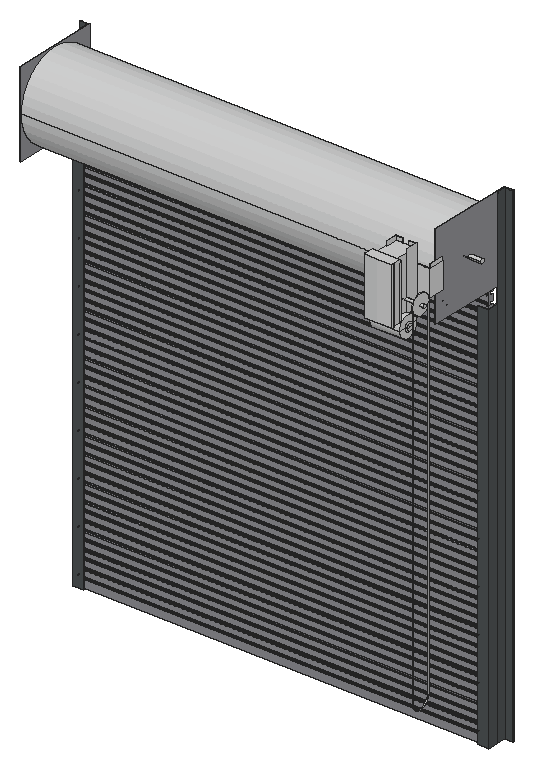
Revit family "Stormtite-AP-Rolling-Steel-Service-Doors_OHD_Model-627_compact", category Specialty Equipment, host Wall, Revit 2023
Family settings
  Host = Wall
  Round Connector Dimension = Use Diameter
  Part Type = Normal
  OmniClass Number = 23.30.10.21.34
  OmniClass Title = Industrial Doors
  Enable Cutting in Views = No
  Always vertical = Yes
  Cut with Voids When Loaded = Yes
  Maintain Annotation Orientation = No
  Shared = No
  Room Calculation Point = No
Parameters (values of type "115 volts, one phase, 60 Hz (110-120V range)")
  Width Count [instance] = if(or(Opening Width < 240", Opening Width = 240"), 20, if(or(Opening Width < 288", Opening Width = 288"), 24, 30))  # 20
  Warning Sign [instance] = if(Calculated Area > 683.00 SF, 1 = 1, 1 = 2)  # no
  Warning (Note) [instance] = if(Warning Sign, "The Door Area is out of the limit; please adjust accordingly. The maximum allowed area is 683 sq. ft.", if(Opening Height > 360", "Headroom Clearance Dimensions - out of the limits. Consult Factory", " "))  # " "
  Wall Thickness [instance] = 6"
  Voltage = 115 V
  Version = "1.00.01"  # constant formula
  True Opening Width [instance] = if(Between Jambs Mounting, Door Width True, Clear Width)  # 120"
  True Opening Height [instance] = if(Between Jambs Mounting, Clear Height + Headroom Height, Clear Height)  # 120"
  Slat Type [instance] = "FIT-265"  # constant formula
  Slat Option [instance] = 1  # constant formula
  Slat Length [instance] = Clear Width + G Value * 2 - 1" / 2 * 2  # 126"
  Slat Height [instance] = if(Slat < 2, 11 9/32", if(Slat = 2, 13 3/4", 13 19/128"))  # 13 19/128"
  Slat [instance] = 3  # constant formula
  Product Page URL = "https://www.overheaddoor.com/rolling-steel-service-doors-627"
  Power Factor = 1
  Powder Coat (Note) = "PowderGuard® Premium powder coat finish options are available in approximately 200 colors as well as custom matching to specification. PowderGuard® Textured finish, a thicker, more scratch resistant coat, is available in 11 colors providing enhanced scratch resistance as well as aiding in hiding the dirt and blemishes that often occur in commercial environments.​"  # constant formula
  Operator Visibility = yes
  Operation (Note) [instance] = "Door could operate by manual push, crank, electrical operator or chain hoist. Manual push up and crank could be used up to 80 sf, for larger door sizes you have to use Chain Hoist operator."  # constant formula
  Opening Width Real [instance] = if(Opening Width > Max Opening Width, Max Opening Width, if(Opening Width < Min Opening Width, Min Opening Width, Opening Width))  # 120"
  Opening Width [instance] = 120"
  Opening Height Real [instance] = if(Opening Height > Max Opening Height, Max Opening Height, if(Opening Height < Min Opening Height, Min Opening Height, Opening Height))  # 120"
  Opening Height [instance] = 120"
  One Array element [instance] = not(Array Vis)  # no
  Number of Poles = 1
  Motor Type [instance] = if(Between Jambs Mounting, "RSX Front of Hood", if(Motor Option < 2, "RSX Front of Hood", if(Motor Option = 2, "RSX Top of Hood", if(Motor Option = 3, "RSX Wall Mount", "RSX Bench Mount"))))  # "RSX Front of Hood"
  Motor Selection (Note) [instance] = "Generic operator shown. Contact Overhead Door when dimensions are critical. "  # constant formula
  Motor Position [instance] = if(Between Jambs Mounting, BJ Displacement Real, M Value - G Value)  # 2 3/4"
  Motor Option Real [instance] = if(Between Jambs Mounting, 1, if(Motor Option < 1, 1, if(Motor Option > 4, 4, Motor Option)))  # 1
  Motor Option [instance] = 1
  Min Opening Width [instance] = if(Between Jambs Mounting, 18" + BJ Displacement Real * 2 + G Value * 2, 18")  # 18"
  Min Opening Height [instance] = if(Between Jambs Mounting, 24" + Headroom Height, 24")  # 24"
  Max Opening Width [instance] = 364"  # constant formula
  Max Opening Height [instance] = 232"  # constant formula
  Material Finish [instance] = 627 : Standard - Gray
  M Value [instance] = if(or(Opening Width < 108", Opening Width = 108"), 5 3/4", if(or(Opening Width < 180", Opening Width = 180"), 6 1/4", if(or(Opening Width < 240", Opening Width = 240"), 7 1/4", 9 1/4")))  # 6 1/4"
  Lookup Table = "Hood Dimensions"  # constant formula
  Lookup BD [instance] = size_lookup(Lookup Table, if(Slat = 1, "A1", if(Slat = 2, "A2", "A3")), 10", Width Count, Height Count)  # 26"
  Jambs Offset [instance] = if(Between Jambs Mounting, BJ Displacement Real + G Value, 0")  # 0"
  Installation Real [instance] = if(Between Jambs Mounting, if((Wall Thickness / 2 - Guid Depth / 2) < 0", 0", Wall Thickness / 2 - Guid Depth / 2), Wall Thickness)  # 6"
  Hood Type [instance] = if(Hood Option < 2, "No Hood", if(Hood Option = 2, "Square Hood", if(Hood Option = 3, "Octagon Hood", "Round Hood")))  # "No Hood"
  Hood Option [instance] = 1
  Hood Offset [instance] = if(Chain Hoist or Manual, 3", 5")  # 5"
  Hood Material [instance] = Metal - Overhead Door - Gray
  Hood Height [instance] = Headroom Height Real - Hood Offset  # 26"
  Height Count [instance] = HC 3  # 11
  Lookup HH [instance] = size_lookup(Lookup Table, if(Slat = 1, "A1", if(Slat = 2, "A2", "A3")), 10", Width Count, Height Count)  # 26"
  Headroom Height Real [instance] = if(Face Of Wall Mounting, if(Chain Hoist or Manual, Lookup HH + 3", Lookup HH + 5"), Lookup HH + 3")  # 31"
  Headroom Height [instance] = if(Between Jambs Mounting, Headroom Height Real, if(Hood Option > 1, Headroom Height Real + 1 1/2", Headroom Height Real))  # 31"
  HC 3 [instance] = if(or(Opening Height < 72", Opening Height = 72"), 6, if(or(Opening Height < 96", Opening Height = 96"), 8, if(or(Opening Height < 108", Opening Height = 108"), 9, if(or(Opening Height < 132", Opening Height = 132"), 11, if(or(Opening Height < 156", Opening Height = 156"), 13, if(or(Opening Height < 192", Opening Height = 192"), 16, if(or(Opening Height < 216", Opening Height = 216"), 18, 19)))))))  # 11
  Guide Type [instance] = if(Between Jambs Mounting, "Angled Between Jambs Z Guide", "Angled Z Guide")  # "Angled Z Guide"
  Guide Option [instance] = if(Between Jambs Mounting, 1, 2)  # 2
  Guid Depth [instance] = if(Between Jambs Mounting, D Value + 1/4", D Value)  # 6 1/4"
  G Value [instance] = if(or(Opening Width < 108", Opening Width = 108"), 3", if(or(Opening Width < 180", Opening Width = 180"), 3 1/2", if(or(Opening Width < 240", Opening Width = 240"), 4", 5 9/16")))  # 3 1/2"
  Frequency = 60 Hz
  Face of Wall Offset [instance] = if(Between Jambs Mounting, 0", 5")  # 5"
  Face Of Wall Mounting [instance] = not(Between Jambs Mounting)  # yes
  Door Width True [instance] = if(Between Jambs Mounting, Clear Width + BJ Displacement Real * 2 + G Value * 2, Clear Width + M Value * 2)  # 132 1/2"
  Door Width (Real) [instance] = if(Between Jambs Mounting, Clear Width, Clear Width + 1" / 2)  # 120 1/2"
  Door Height True [instance] = Clear Width + Headroom Height  # 151"
  Door Height (Real) [instance] = Clear Height + Hood Offset  # 125"
  URL = "https://www.overheaddoor.com/"
  Product data url = "https://www.bimobject.com/overhead-door/product/stormtite-ap-rolling-steel-service-doors-627"
  Product Guid = "ebcf6bd3-ac62-4f39-a2e6-36bcc6072d1b"
  Model = "627"  # constant formula
  Manufacturer = "Overhead Door Corporation"  # constant formula
  Wall Closure = By host
  Floor To (CL) of Shaft [instance] = Clear Height + Hood Height / 2 + Hood Offset  # 138"
  Finish Material = Finish - Overhead Door - Black
  Description = "Model 627 Stormtite AP Insulated Heavy-duty rolling door R-value 10.9, U-value .84, Flame spread Class A or 1, system STC 21"  # constant formula
  Default Elevation = 0"
  Date Updated = "2026/05/29"  # constant formula
  D Value [instance] = if(or(Opening Width < 108", Opening Width = 108"), 5 11/16", if(or(Opening Width < 180", Opening Width = 180"), 6 1/4", if(or(Opening Width < 240", Opening Width = 240"), 6 3/16", 7 1/16")))  # 6 1/4"
  Clear Width [instance] = if(Between Jambs Mounting, Opening Width Real - BJ Displacement Real * 2 - G Value * 2, Opening Width Real)  # 120"
  Clear Height [instance] = if(Between Jambs Mounting, Opening Height Real - Headroom Height, Opening Height Real)  # 120"
  Chain Hoist or Manual = no
  Current = 20 A
  Connector Array Distance = 0"  # constant formula
  Connector Array = if(Chain Hoist or Manual, 2, 3)  # 3
  BimObject_Variable_Connectors = "No"  # constant formula
  Between Jambs Mounting [instance] = no
  Between Jambs Guides Offset [instance] = 3"
  Bar [instance] = if(and(Hood Option > 1, Face Of Wall Mounting), 1 = 1, 1 = 2)  # no
  Backroom Depth [instance] = Lookup BD + 1/2"  # 26 1/2"
  BJ Opening Cut [instance] = if(Between Jambs Mounting, Headroom Height, 0")  # 0"
  BJ Displacement Real [instance] = if(Between Jambs Mounting, if(Between Jambs Guides Offset < 3", 3", if(Between Jambs Guides Offset > 6 3/4", 6 3/4", Between Jambs Guides Offset)), 0")  # 0"
  Array Vis [instance] = if(Array < 2, 1 = 2, 1 = 1)  # yes
  Array Real [instance] = if(Array < 2, 2, Array)  # 10
  Array Length [instance] = (Array) * Slat Height  # 131 31/64"
  Array [instance] = rounddown(([Door Height (Real)] - 3") / Slat Height) + 1  # 10
  Calculated Area [instance] = [Door Width (Real)] * [Door Height (Real)]  # 104.601 SF
  Apparent Load Phase 3 = if(Number of Poles = 1, 0 VA, (Voltage * Current * sqrt(3)) / 3)  # 0 VA
  Apparent Load Phase 2 = if(Number of Poles = 1, 0 VA, (Voltage * Current * sqrt(3)) / 3)  # 0 VA
  Apparent Load Phase 1 = if(Number of Poles = 1, Voltage * Current, (Voltage * Current * sqrt(3)) / 3)  # 2300 VA
Reference planes (in)
  plane 1 "Center (Front/Back)": y = -14.625
  plane 2 "Center (Left/Right)": x = 0
  plane 3 "Left": x = -60
  plane 4 "Right": x = 60
  plane 5 "Exterior": y = -8.625
  plane 6 "Interior": y = -14.625
  plane 7: x = 66.25
  plane 8: x = -66.25
  plane 9: z = 120
  plane 10 "Main": y = -20.23437
  plane 11 "Backroom Depth": y = -32.125
  plane 12 "Main Door Block": y = -5.625
  plane 13 "Bottom Bar": z = 2.75
  plane 14: y = -20.875
  plane 15: z = 134.23438
  plane 16: z = 151
  plane 17: z = 125
  plane 18: z = 152.5
  plane 19: z = 0
  plane 20: z = 60
  plane 21: y = -20.18359
  plane 22: y = 18.375
  plane 23: y = -41.625
  plane 24 "Double Main": y = -19.656
  plane 25 "Headroom Top": z = 151
  plane 26: z = 138
  plane 27: x = 63.5
  plane 28: x = -63.5
  plane 29: z = 121.08594
  plane 30: z = 2.75
  plane 31: z = 121.08594
  plane 32: z = 15.89844
  plane 33: z = 29.04688
  plane 34: z = 42.19531
  plane 35: z = 55.34375
  plane 36: z = 68.49219
  plane 37: z = 81.64063
  plane 38: z = 94.78906
  plane 39: z = 107.9375
  plane 40: y = -20.18359
  plane 41: y = -20.18359
  plane 42: y = -20.18359
  plane 43: y = -20.18359
  plane 44: y = -20.18359
  plane 45: y = -20.18359
  plane 46: y = -20.18359
  plane 47: y = -20.18359
  plane 48: y = -20.18359
  plane 49: y = -20.18359
Forms (in)
  Extrusion 1, void
    sketch origin (0, -5.625, 0) x (0, 0, -1) y (-1, 0, 0)
      loop
        line (-120, 60) -> (-120, -60) -> (0, -60) -> (0, 60) -> (-120, 60)
    from -9 to -3
  Extrusion 2, solid, material "Metal - Overhead Door - Gray" <- "Hood Material", visible <- "Bar"
    sketch origin (0, 0, 0) x (0, 1, 0) y (0, 0, 1)
      loop
        line (-14.875, 151) -> (-14.625, 151) -> (-14.625, 152.5) -> (-14.875, 152.5) -> (-14.875, 151)
    from -63.25 to 63.25
Lines and regions (in)
  symbolic lines, visible <- "Bar"
    curve 1: line (63.25, -14.625, 0) -> (-63.25, -14.625, 0)
    curve 2: line (-63.25, -14.875, 0) -> (63.25, -14.875, 0)
Text (in)
  text "Exterior" at (-74.96733, 27.31104, 0), in view "Ref. Level"
  text "Interior" at (-74.96733, -25.14366, 0), in view "Ref. Level"
  text "Exterior" at (0, 40.15149, 123.01588), in view "Right"
  text "Interior" at (0, -64.39139, 123.01588), in view "Right"
  text "Interior" at (0, -31.01599, 123.00693), in view "Left"
  text "Exterior" at (0, 54.57065, 123.00693), in view "Left"
Dimensions and locks (in)
  equal spacing: plane 3 "Left", plane 2 "Center (Left/Right)", plane 4 "Right"
  "Clear Width": plane 3 "Left" to plane 4 "Right"
  level to host wall = 459.59655"
  "Clear Height": level to plane 9
  plane 7 to plane 8 = 132 1/2"
  equal spacing: plane 7, plane 2 "Center (Left/Right)", plane 8
  locked: plane 13 "Bottom Bar" to level at 2.75
  "Door Width True": plane 7 to plane 8
  locked: plane 14 to plane 10 "Main" at 0.64063
  "Array Length": plane 15 to plane 13 "Bottom Bar"
  "Backroom Depth": plane 11 "Backroom Depth" to plane 12 "Main Door Block"
  "Hood Height": plane 16 to plane 17
  locked: plane 18 to plane 16 at 1.5
  locked: Extrusion 2 sketch curve to Extrusion 2 sketch curve at 0.25
  "Installation Real": plane 1 "Center (Front/Back)" to plane 5 "Exterior"
  "Wall Thickness": host wall to host wall
  equal spacing: plane 9, plane 20, plane 19
  locked: plane 10 "Main" to plane 21 at 0.05078
  equal spacing: plane 22, host wall, plane 23
  locked: plane 22 to plane 23 at 60
  locked: plane 10 "Main" to plane 24 "Double Main" at 0.57837
  "BJ Opening Cut": Extrusion 1 sketch curve to plane 9
  locked: Extrusion 2 sketch curve to Extrusion 2 sketch curve at 1.5
  "Hood Offset": plane 17 to plane 9
  "Headroom Height": plane 25 "Headroom Top" to plane 9
  "Floor To (CL) of Shaft": plane 26 to level
  "Jambs Offset": plane 4 "Right" to Extrusion 1 sketch curve
  "Jambs Offset": Extrusion 1 sketch curve to plane 3 "Left"
  "Motor Position": plane 7 to plane 27
  "Motor Position": plane 28 to plane 8
  locked: plane 28 to Extrusion 2 at 0.25
  locked: Extrusion 2 to plane 27 at 0.25
  "Guid Depth": plane 14 to plane 1 "Center (Front/Back)"
  "Slat Height": plane 15 to plane 29
  equal spacing: group 2, group 10, group 9, group 8, group 7, group 6, group 5, group 4, group 3, group 1
  equal spacing: group 1, group 3, group 4, group 5, group 6, group 7, group 8, group 9, group 10, group 2  (x2)
  aligned and locked: plane 5 "Exterior" to host wall
  aligned and locked: host wall to plane 6 "Interior"
  aligned and locked: level to Extrusion 1 sketch curve
  aligned and locked: Extrusion 1 to plane 5 "Exterior"
  aligned and locked: plane 6 "Interior" to Extrusion 1
  aligned and locked: nested 1 to plane 2 "Center (Left/Right)"
  aligned and locked: plane 16 to nested 2
  aligned and locked: nested 1 to level
  aligned and locked: Extrusion 2 sketch curve to plane 18
  aligned and locked: Extrusion 2 sketch curve to plane 6 "Interior"
  aligned and locked: curve 1 to Extrusion 2  (x2)
  aligned and locked: curve 2 to Extrusion 2  (x2)
  aligned and locked: Extrusion 2 to curve 2
  aligned and locked: nested 2 to plane 5 "Exterior"
  aligned and locked: level to plane 19
  aligned and locked: nested 1 to plane 1 "Center (Front/Back)"
  aligned and locked: plane 2 "Center (Left/Right)" to nested 3
  aligned and locked: nested 3 to plane 22
  aligned and locked: plane 23 to nested 4
  aligned and locked: nested 4 to plane 2 "Center (Left/Right)"
  aligned and locked: nested 5 to plane 20
  aligned and locked: plane 2 "Center (Left/Right)" to nested 5
  aligned and locked: nested 2 to plane 27
  aligned and locked: nested 5 to plane 21
  aligned and locked: nested 1 to plane 13 "Bottom Bar"
  aligned and locked: plane 13 "Bottom Bar" to plane 30
  aligned and locked: plane 29 to plane 31
  aligned and locked: plane 21 to nested 16
  aligned and locked: plane 21 to plane 40
  aligned and locked: plane 21 to plane 42
Automatic sketch dimensions
  curve 1 to curve 2 = 0"
Nested families (in)
  nested 1: "Lifts" at (0, -14.625, 0), type "Frame Unit"
    with Square Hood no, Round Hood no, Octagon Hood no, No Hood yes, M Value 6 1/4", Hood Offset 5", Hood Height 26", Headroom Height Real 31", Half Octagon Side 5.38478", Half Hood Height 26", Shaft Offset 13", Radius Hood 13", Headroom Height 31", Header Width 26 1/2", Guide Z Wide 2 3/4", Floor To (CL) of Shaft 138", D Value 6 1/4"
  nested 2: "Motor" at (56.6205, -48.705, 126.93), visible <- "Operator Visibility", type "Trolley Motor"
    with Vertical Mount 24.07", Hood Width Real 26 1/2", Hood Width 26 1/2", Hood Height 26", Floor To Cl Shaft 138"
  nested 3: "Label Annotation 1" at (0, 18.375, 0), visible <- "Warning Sign", type "Label Annotation 1"
  nested 4: "Label Annotation 1" at (0, -41.625, 0) x (-1, 0, 0) z (0, 0, 1), visible <- "Warning Sign", type "Label Annotation 1"
  nested 5: "Warning Sign" at (0, -20.18359, 60), visible <- "Warning Sign", type "Warning Sign"
    with Warning Sign no
  nested 6: "627" at (0, -20.18359, 2.75), type <- "Material Finish", Slat Option <- "Slat", visible <- "Array Vis", Opening Width <- "Slat Length", type "Standard - Gray"
    with Void Offset 2", Void Height 1 1/2", Slat Width 1 1/2", Slat Position + Offset 14.491", Slat Position 13.15", Slat Option 3, Opening Width 126", Integrated Cutout no, F 265, FE 265 yes, Cutout Width Offset 1", Cutout Vertical Offset 1.341", Cutout Horizontal Offset 1", C 275 no, C 187 Standard no
  nested 7: "627" at (0, -20.18359, 121.08594), type <- "Material Finish", Slat Option <- "Slat", visible <- "Array Vis", Opening Width <- "Slat Length", type "Standard - Gray"
    with Void Offset 2", Void Height 1 1/2", Slat Width 1 1/2", Slat Position + Offset 14.491", Slat Position 13.15", Slat Option 3, Opening Width 126", Integrated Cutout no, F 265, FE 265 yes, Cutout Width Offset 1", Cutout Vertical Offset 1.341", Cutout Horizontal Offset 1", C 275 no, C 187 Standard no
  nested 8: "627" at (0, -20.18359, 15.89844), type <- "Material Finish", Slat Option <- "Slat", visible <- "Array Vis", Opening Width <- "Slat Length", type "Standard - Gray"
    with Void Offset 2", Void Height 1 1/2", Slat Width 1 1/2", Slat Position + Offset 14.491", Slat Position 13.15", Slat Option 3, Opening Width 126", Integrated Cutout no, F 265, FE 265 yes, Cutout Width Offset 1", Cutout Vertical Offset 1.341", Cutout Horizontal Offset 1", C 275 no, C 187 Standard no
  nested 9: "627" at (0, -20.18359, 29.04687), type <- "Material Finish", Slat Option <- "Slat", visible <- "Array Vis", Opening Width <- "Slat Length", type "Standard - Gray"
    with Void Offset 2", Void Height 1 1/2", Slat Width 1 1/2", Slat Position + Offset 14.491", Slat Position 13.15", Slat Option 3, Opening Width 126", Integrated Cutout no, F 265, FE 265 yes, Cutout Width Offset 1", Cutout Vertical Offset 1.341", Cutout Horizontal Offset 1", C 275 no, C 187 Standard no
  nested 10: "627" at (0, -20.18359, 42.19531), type <- "Material Finish", Slat Option <- "Slat", visible <- "Array Vis", Opening Width <- "Slat Length", type "Standard - Gray"
    with Void Offset 2", Void Height 1 1/2", Slat Width 1 1/2", Slat Position + Offset 14.491", Slat Position 13.15", Slat Option 3, Opening Width 126", Integrated Cutout no, F 265, FE 265 yes, Cutout Width Offset 1", Cutout Vertical Offset 1.341", Cutout Horizontal Offset 1", C 275 no, C 187 Standard no
  nested 11: "627" at (0, -20.18359, 55.34375), type <- "Material Finish", Slat Option <- "Slat", visible <- "Array Vis", Opening Width <- "Slat Length", type "Standard - Gray"
    with Void Offset 2", Void Height 1 1/2", Slat Width 1 1/2", Slat Position + Offset 14.491", Slat Position 13.15", Slat Option 3, Opening Width 126", Integrated Cutout no, F 265, FE 265 yes, Cutout Width Offset 1", Cutout Vertical Offset 1.341", Cutout Horizontal Offset 1", C 275 no, C 187 Standard no
  nested 12: "627" at (0, -20.18359, 68.49219), type <- "Material Finish", Slat Option <- "Slat", visible <- "Array Vis", Opening Width <- "Slat Length", type "Standard - Gray"
    with Void Offset 2", Void Height 1 1/2", Slat Width 1 1/2", Slat Position + Offset 14.491", Slat Position 13.15", Slat Option 3, Opening Width 126", Integrated Cutout no, F 265, FE 265 yes, Cutout Width Offset 1", Cutout Vertical Offset 1.341", Cutout Horizontal Offset 1", C 275 no, C 187 Standard no
  nested 13: "627" at (0, -20.18359, 81.64062), type <- "Material Finish", Slat Option <- "Slat", visible <- "Array Vis", Opening Width <- "Slat Length", type "Standard - Gray"
    with Void Offset 2", Void Height 1 1/2", Slat Width 1 1/2", Slat Position + Offset 14.491", Slat Position 13.15", Slat Option 3, Opening Width 126", Integrated Cutout no, F 265, FE 265 yes, Cutout Width Offset 1", Cutout Vertical Offset 1.341", Cutout Horizontal Offset 1", C 275 no, C 187 Standard no
  nested 14: "627" at (0, -20.18359, 94.78906), type <- "Material Finish", Slat Option <- "Slat", visible <- "Array Vis", Opening Width <- "Slat Length", type "Standard - Gray"
    with Void Offset 2", Void Height 1 1/2", Slat Width 1 1/2", Slat Position + Offset 14.491", Slat Position 13.15", Slat Option 3, Opening Width 126", Integrated Cutout no, F 265, FE 265 yes, Cutout Width Offset 1", Cutout Vertical Offset 1.341", Cutout Horizontal Offset 1", C 275 no, C 187 Standard no
  nested 15: "627" at (0, -20.18359, 107.9375), type <- "Material Finish", Slat Option <- "Slat", visible <- "Array Vis", Opening Width <- "Slat Length", type "Standard - Gray"
    with Void Offset 2", Void Height 1 1/2", Slat Width 1 1/2", Slat Position + Offset 14.491", Slat Position 13.15", Slat Option 3, Opening Width 126", Integrated Cutout no, F 265, FE 265 yes, Cutout Width Offset 1", Cutout Vertical Offset 1.341", Cutout Horizontal Offset 1", C 275 no, C 187 Standard no
  nested 16: "627" at (0, -20.18359, 2.75), type <- "Material Finish", Slat Option <- "Slat", visible <- "One Array element", Opening Width <- "Slat Length", type "Standard - Gray"
    with Void Offset 2", Void Height 1 1/2", Slat Width 1 1/2", Slat Position + Offset 14.491", Slat Position 13.15", Slat Option 3, Opening Width 126", Integrated Cutout no, F 265, FE 265 yes, Cutout Width Offset 1", Cutout Vertical Offset 1.341", Cutout Horizontal Offset 1", C 275 no, C 187 Standard no
Connectors (in)
  electrical at (59.6085, -47.31077, 137.4998), driven by "Apparent Load Phase 1", driven by "Power Factor", driven by "Voltage", driven by "Number of Poles", driven by "Apparent Load Phase 2", driven by "Apparent Load Phase 3"
    settings: on nested 2, index 1, voltage 115 V, apparent load 0 VA, apparent load phase1 2300 VA, apparent load phase2 0 VA, apparent load phase3 0 VA, power factor 1, load classification "Other", number of poles 1, system type 31, power factor state 1, is connector primary yes, connector utility no, sub classification motor no, connector description "Electrical Connector"
Definition of nested family "Lifts"
  Parameters (values of type "Frame Unit")
    True Width = if(Between Jambs, Opening Width, Opening Width + 1/2")  # 120 1/2"
    Square Hood [instance] = if(Hood Option = 2, 1 = 1, 1 = 2)  # no
    Slat Option = 1
    Round Hood [instance] = if(Hood Option > 3, 1 = 1, 1 = 2)  # no
    Rough Width = 0"
    Rough Height = 0"
    Octagon Hood [instance] = if(Hood Option = 3, 1 = 1, 1 = 2)  # no
    No Hood [instance] = if(Hood Option < 2, 1 = 1, 1 = 2)  # yes
    M Value = 5 1/4"
    Hood Type = if(Hood Option < 2, "No Hood", if(Hood Option = 2, "Square Hood", if(Hood Option = 3, "Octagon Hood", "Round Hood")))  # "No Hood"
    Hood Option = 1
    Hood Offset = 3"
    Hood Height = Headroom Height Real - Hood Offset  # 16"
    Headroom Height Real = Headroom Height  # 19"
    Half Octagon Side = (Radius Hood * 2 * tan(180.00° / 8)) / 2  # 3.00305"
    Half Hood Height = Headroom Height - Hood Offset  # 16"
    G Value = 3 1/2"
    E Guide Width = if(Between Jambs, Guide Offset - G Value + BJ Connection Length - BJ Displacement * 2 / 3, 3")  # 3"
    E Guide Height = 3"  # constant formula
    Z Guide = 1 = 1  # yes
    Slat Material = none
    Shaft Offset = if(Hood Option > 3, (Header Width - (Header Width - Hood Height)) / 2, if(Hood Height < Header Width, (Header Width - (Header Width - Hood Height)) / 2, Header Width / 2))  # 7 1/4"
    Shaft Material = none
    Shaft Length 2 = if(Between Jambs, G Value + BJ Displacement, G Value + 4")  # 7 1/2"
    Shaft Length 1 = if(Between Jambs, G Value + BJ Displacement, G Value + 4")  # 7 1/2"
    Setback = if(Between Jambs, 0", 1/4")  # 1/4"
    Radius Hood = Shaft Offset  # 7 1/4"
    Opening Width = 120"
    Hood Material = none
    Headroom Height = 19"
    Header Width = 14 1/2"
    Opening Height = 120"
    Guide Type = if(Between Jambs, "Angled Between Jambs Z Guide", if(Guide Option > 1, "Angled Z Guide", "Angled E Guide"))  # "Angled Z Guide"
    Guide Option = if(Between Jambs, 1, 2)  # 2
    Guide Offset = BJ Displacement + G Value  # 3 1/2"
    Guide Z Wide = if(Between Jambs, Guide Offset - G Value + BJ Connection Length - BJ Displacement * 2 / 3, M Value - G Value)  # 1 3/4"
    Guide Z Height = 3"  # constant formula
    Floor To (CL) of Shaft = 131"
    Finish Material = none
    Face to Wall Mount = not(Between Jambs)  # yes
    E Guide = if(Between Jambs, 1 = 1, 1 = 2)  # no
    Default Elevation = 0"
    D Value = 4 1/2"
    Between Jambs = no
    BJ Position = if(Between Jambs, 1/4", 0")  # 0"
    BJ Displacement = 0"
    BJ Connection Length = 1 / 3 * BJ Displacement  # 0"
    Angled Guide = 1 = 1  # yes
  Reference planes (in)
    plane 1 "Center (Front/Back)": y = 0
    plane 2: z = 0
    plane 3 "Center (Left/Right)": x = 0
    plane 4 "Opening Height": z = 120
    plane 5: x = -67.5
    plane 6: x = 67.5
    plane 7: z = 139
    plane 8: y = 14.5
    plane 9 "Real Opening 2": x = -60
    plane 10 "Real Opening 1": x = 60
    plane 11: z = 123
    plane 12 "Main": y = 0
    plane 13: z = 131
    plane 14: y = 7.25
    plane 15: x = 63.5
    plane 16: x = -63.5
    plane 17: x = -63.5
    plane 18: x = 63.5
    plane 19: y = 4.5
    plane 20: x = -63.25
    plane 21: x = 63.25
    plane 22: y = 7.25
    plane 23: z = 140.5
    plane 24: y = 4.5
    plane 25: y = 3.375
    plane 26: y = 4.5
    plane 27: y = 3.375
  Forms (in)
    Extrusion 1, solid, material <- "Slat Material"
      sketch origin (0, 0, 0) x (0, 1, 0) y (0, 0, 1)
        loop
          line (3.6875, 2.375) -> (3.6875, 2.75) -> (3.0625, 2.75) -> (3.0625, 2.375) -> (3.6875, 2.375)
      from -63.25 to 63.25
    Extrusion 2, solid, material <- "Slat Material"
      sketch origin (0, 0, 0) x (0, 1, 0) y (0, 0, 1)
        loop
          line (3.6875, 2.375) -> (3.0625, 2.375) -> (3.0625, 0) -> (3.6875, 0) -> (3.6875, 2.375)
      from -63.25 to 63.25
    Extrusion 3, solid, material <- "Shaft Material"
      sketch origin (0, -5.35201, 0) x (0, 1, 0) y (0, 0, 1)
        loop
          circle (12.60201, 131) r 0.6
      from -67.5 to 67.5
    Extrusion 4, solid, material <- "Hood Material", visible <- "Square Hood"
      sketch origin (0, 0, 0) x (0, 1, 0) y (0, 0, 1)
        loop
          line (0, 123) -> (14.5, 123) -> (14.5, 139) -> (0, 139) -> (0, 123)
      from -63.25 to 63.25
    Extrusion 5, solid, material <- "Hood Material", visible <- "Round Hood"
      sketch origin (0, 0, 0) x (0, 1, 0) y (0, 0, 1)
        loop
          line (0, 139) -> (0, 123) -> (7.25, 123)
          arc (7.25, 123) -> (15.25, 131) -> (7.25, 139) r 8
          line (7.25, 139) -> (0, 139)
      from -63.25 to 63.25
    Extrusion 6, solid, material <- "Finish Material", visible <- "E Guide"
      sketch origin (0, 0, 0) x (1, 0, 0) y (0, 1, 0)
        loop
          line (60.5, 0) -> (63.5, 0) -> (63.5, 3) -> (63.4375, 3)
          arc (63.4375, 3) -> (63.30492, 2.94508) -> (63.25, 2.8125) r 0.1875
          line (63.25, 2.8125) -> (63.25, 0.25) -> (60.6875, 0.25)
          arc (60.6875, 0.25) -> (60.55492, 0.19508) -> (60.5, 0.0625) r 0.1875
          line (60.5, 0.0625) -> (60.5, 0)
        loop
          line (-60.5, 0) -> (-60.5, 0.0625)
          arc (-60.5, 0.0625) -> (-60.55492, 0.19508) -> (-60.6875, 0.25) r 0.1875
          line (-60.6875, 0.25) -> (-63.25, 0.25) -> (-63.25, 2.8125)
          arc (-63.25, 2.8125) -> (-63.30492, 2.94508) -> (-63.4375, 3) r 0.1875
          line (-63.4375, 3) -> (-63.5, 3) -> (-63.5, 0) -> (-60.5, 0)
      from 0 to 139
    Extrusion 7, solid, material <- "Finish Material", visible <- "Z Guide"
      sketch origin (0, 0, 0) x (1, 0, 0) y (0, 1, 0)
        loop
          line (65.25, 0) -> (65.25, 0.062)
          arc (65.25, 0.062) -> (65.19494, 0.19494) -> (65.062, 0.25) r 0.188
          line (65.062, 0.25) -> (63.75, 0.25) -> (63.75, 2.812)
          arc (63.75, 2.812) -> (63.69494, 2.94494) -> (63.562, 3) r 0.188
          line (63.562, 3) -> (63.5, 3) -> (63.5, 0) -> (65.25, 0)
        loop
          line (-65.25, 0) -> (-63.5, 0) -> (-63.5, 3) -> (-63.562, 3)
          arc (-63.562, 3) -> (-63.69494, 2.94494) -> (-63.75, 2.812) r 0.188
          line (-63.75, 2.812) -> (-63.75, 0.25) -> (-65.062, 0.25)
          arc (-65.062, 0.25) -> (-65.19494, 0.19494) -> (-65.25, 0.062) r 0.188
          line (-65.25, 0.062) -> (-65.25, 0)
      from 0 to 139
    Extrusion 8, solid, material <- "Finish Material", visible <- "Angled Guide"
      sketch origin (0, 0, 0) x (1, 0, 0) y (0, 1, 0)
        loop
          line (60.25, 4.5) -> (60.25, 4.437)
          arc (60.25, 4.437) -> (60.30477, 4.30477) -> (60.437, 4.25) r 0.187
          line (60.437, 4.25) -> (63.25, 4.25) -> (63.25, 2.5) -> (60.25, 2.5) -> (60.25, 2.437)
          arc (60.25, 2.437) -> (60.30477, 2.30477) -> (60.437, 2.25) r 0.187
          line (60.437, 2.25) -> (63, 2.25) -> (63, 0.5625) -> (63.25, 0.5625) -> (63.25, 0.25) -> (63.5, 0.25) -> (63.5, 4.5) -> (60.25, 4.5)
        loop
          line (-60.25, 4.5) -> (-63.5, 4.5) -> (-63.5, 0.25) -> (-63.25, 0.25) -> (-63.25, 0.5625) -> (-63, 0.5625) -> (-63, 2.25) -> (-60.437, 2.25)
          arc (-60.437, 2.25) -> (-60.30477, 2.30477) -> (-60.25, 2.437) r 0.187
          line (-60.25, 2.437) -> (-60.25, 2.5) -> (-63.25, 2.5) -> (-63.25, 4.25) -> (-60.437, 4.25)
          arc (-60.437, 4.25) -> (-60.30477, 4.30477) -> (-60.25, 4.437) r 0.187
          line (-60.25, 4.437) -> (-60.25, 4.5)
      from 0 to 120
    Extrusion 9, solid, material <- "Hood Material"
      sketch origin (0, 0, 0) x (-1, 0, 0) y (0, 0, 1)
        loop
          line (63.25, 123) -> (63.5, 123) -> (63.5, 139) -> (63.25, 139) -> (63.25, 123)
        loop
          line (-63.5, 123) -> (-63.25, 123) -> (-63.25, 139) -> (-63.5, 139) -> (-63.5, 123)
      from 0 to 14.5
    Extrusion 10, solid, material <- "Shaft Material", visible <- "No Hood"
      sketch origin (0, 0, 0) x (0, 1, 0) y (0, 0, 1)
        loop
          circle (7.25, 131) r 7.25
      from -63.25 to 63.25
    Extrusion 11, solid, material <- "Hood Material", visible <- "Octagon Hood"
      sketch origin (0, 0, 0) x (0, 1, 0) y (0, 0, 1)
        loop
          line (0, 139) -> (0, 123) -> (10.25305, 123) -> (14.5, 127.99695) -> (14.5, 134.00305) -> (10.25305, 139) -> (0, 139)
      from -63.25 to 63.25
  Lines and regions (in)
    Masking region 1
      outline origin (0, 0, 0) x (1, 0, 0) y (0, 1, 0)
        loop
          line (67.5, 7.85) -> (63.5, 7.85) -> (63.5, 6.65) -> (67.5, 6.65) -> (67.5, 7.85)
        loop
          line (-67.5, 6.65) -> (-63.5, 6.65) -> (-63.5, 7.85) -> (-67.5, 7.85) -> (-67.5, 6.65)
    Masking region 2
      outline origin (0, 0, 0) x (1, 0, 0) y (0, 1, 0)
        loop
          line (-63.5, 14.5) -> (-63.5, 0) -> (63.5, 0) -> (63.5, 14.5) -> (-63.5, 14.5)
    Masking region 3, visible <- "Z Guide"
      outline origin (0, 0, 0) x (1, 0, 0) y (0, 1, 0)
        loop
          line (65.062, 0.25) -> (63.75, 0.25) -> (63.75, 2.812)
          arc (63.75, 2.812) -> (63.69494, 2.94494) -> (63.562, 3) r 0.188
          line (63.562, 3) -> (63.5, 3) -> (63.5, 0) -> (65.25, 0) -> (65.25, 0.062)
          arc (65.25, 0.062) -> (65.19494, 0.19494) -> (65.062, 0.25) r 0.188
        loop
          line (-63.75, 0.25) -> (-65.062, 0.25)
          arc (-65.062, 0.25) -> (-65.19494, 0.19494) -> (-65.25, 0.062) r 0.188
          line (-65.25, 0.062) -> (-65.25, 0) -> (-63.5, 0) -> (-63.5, 3) -> (-63.562, 3)
          arc (-63.562, 3) -> (-63.69494, 2.94494) -> (-63.75, 2.812) r 0.188
          line (-63.75, 2.812) -> (-63.75, 0.25)
    Masking region 4, visible <- "E Guide"
      outline origin (0, 0, 0) x (1, 0, 0) y (0, 1, 0)
        loop
          line (-63.5, 3) -> (-63.5, 0) -> (-60.5, 0) -> (-60.5, 0.0625)
          arc (-60.5, 0.0625) -> (-60.55492, 0.19508) -> (-60.6875, 0.25) r 0.1875
          line (-60.6875, 0.25) -> (-63.25, 0.25) -> (-63.25, 2.8125)
          arc (-63.25, 2.8125) -> (-63.30492, 2.94508) -> (-63.4375, 3) r 0.1875
          line (-63.4375, 3) -> (-63.5, 3)
        loop
          line (63.5, 0) -> (63.5, 3) -> (63.4375, 3)
          arc (63.4375, 3) -> (63.30492, 2.94508) -> (63.25, 2.8125) r 0.1875
          line (63.25, 2.8125) -> (63.25, 0.25) -> (60.6875, 0.25)
          arc (60.6875, 0.25) -> (60.55492, 0.19508) -> (60.5, 0.0625) r 0.1875
          line (60.5, 0.0625) -> (60.5, 0) -> (63.5, 0)
    symbolic lines
      curve 1: line (-63.25, 0, 0) -> (-63.25, 14.5, 0)
      curve 2: line (63.25, 14.5, 0) -> (63.25, 0, 0)
    symbolic lines, visible <- "Octagon Hood"
      curve 3: line (-63.25, 10.25305, 0) -> (63.25, 10.25305, 0)
  Dimensions and locks (in)
    Extrusion 1 sketch curve to level = 2 3/8"
    locked: Extrusion 1 sketch curve to Extrusion 1 sketch curve at 0.625
    locked: Extrusion 2 sketch curve to level at 2.375
    "Headroom Height Real": plane 7 to plane 4 "Opening Height"
    plane 8 to plane 1 "Center (Front/Back)" = 14 1/2"
    "Radius Hood": Extrusion 5 sketch curve to plane 8
    "Opening Height": plane 4 "Opening Height" to level
    "Hood Offset": plane 11 to plane 4 "Opening Height"
    "BJ Position": plane 12 "Main" to plane 1 "Center (Front/Back)"
    "Header Width": plane 12 "Main" to plane 8
    "Floor To (CL) of Shaft": plane 13 to level
    "Shaft Offset": Extrusion 3 sketch curve to plane 8
    locked: Extrusion 2 sketch curve to Extrusion 2 sketch curve at 0.625
    "Shaft Offset": plane 8 to plane 14
    locked: Masking region 1 sketch curve to Masking region 1 sketch curve at 1.2
    locked: Masking region 1 sketch curve to plane 14 at 0.6
    "Guide Offset": plane 10 "Real Opening 1" to plane 15
    "Guide Offset": plane 16 to plane 9 "Real Opening 2"
    locked: Extrusion 6 sketch curve to Extrusion 6 sketch curve at 0.25  (x4)
    "E Guide Height": Extrusion 6 sketch curve to Extrusion 6 sketch curve  (x2)
    "E Guide Width": Extrusion 6 sketch curve to Extrusion 6 sketch curve  (x2)
    locked: Extrusion 7 sketch curve to Extrusion 7 sketch curve at 0.25  (x4)
    "Guide Z Wide": Extrusion 7 sketch curve to Extrusion 7 sketch curve  (x2)
    "Guide Z Height": Extrusion 7 sketch curve to Extrusion 7 sketch curve  (x2)
    locked: Extrusion 8 sketch curve to Extrusion 8 sketch curve at 0.25  (x8)
    locked: Extrusion 8 sketch curve to Extrusion 8 sketch curve at 2.25  (x2)
    locked: Extrusion 8 sketch curve to Extrusion 8 sketch curve at 4.25  (x2)
    locked: Extrusion 8 sketch curve to Extrusion 8 sketch curve at 0.3125  (x2)
    "Setback": plane 10 "Real Opening 1" to Extrusion 8 sketch curve
    "Setback": Extrusion 8 sketch curve to plane 9 "Real Opening 2"
    equal spacing: plane 16, plane 3 "Center (Left/Right)", plane 15
    "G Value": Extrusion 7 sketch curve to plane 9 "Real Opening 2"
    "G Value": plane 10 "Real Opening 1" to Extrusion 7 sketch curve
    "G Value": plane 10 "Real Opening 1" to plane 18
    "G Value": plane 17 to plane 9 "Real Opening 2"
    "Shaft Length 1": plane 5 to plane 9 "Real Opening 2"
    "Shaft Length 2": plane 6 to plane 10 "Real Opening 1"
    locked: Extrusion 2 to plane 18 at 0.25
    locked: Extrusion 2 to plane 17 at 0.25
    locked: plane 17 to plane 20 at 0.25
    locked: plane 21 to plane 18 at 0.25
    "Shaft Offset": Extrusion 10 sketch curve to plane 8
    plane 13 to plane 11 = 8"
    plane 7 to plane 13 = 8"
    "Shaft Offset": plane 22 to plane 8
    "Half Octagon Side": Extrusion 11 sketch curve to plane 13
    "Half Octagon Side": plane 13 to Extrusion 11 sketch curve
    "Half Octagon Side": plane 22 to Extrusion 11 sketch curve  (x2)
    equal spacing: plane 9 "Real Opening 2", plane 3 "Center (Left/Right)", plane 10 "Real Opening 1"
    "Opening Width": plane 9 "Real Opening 2" to plane 10 "Real Opening 1"
    locked: plane 23 to plane 7 at 1.5
    "D Value": plane 1 "Center (Front/Back)" to plane 19
    "D Value": plane 24 to plane 1 "Center (Front/Back)"
    locked: plane 24 to plane 25 at 1.125
    equal spacing: Extrusion 1 sketch curve, plane 25, Extrusion 1 sketch curve
    "D Value": plane 26 to plane 1 "Center (Front/Back)"
    locked: plane 26 to plane 27 at 1.125
    equal spacing: Extrusion 2 sketch curve, plane 27, Extrusion 2 sketch curve
    "G Value": plane 10 "Real Opening 1" to Extrusion 8 sketch curve
    "G Value": Extrusion 8 sketch curve to plane 9 "Real Opening 2"
    radius of Extrusion 6 sketch curve = 3/16"  (x4)
    radius of Extrusion 7 sketch curve = 0.188"  (x4)
    locked: Extrusion 8 sketch curve to Extrusion 8 sketch curve (radius 0.187")  (x4)
    "Radius Hood": radius of Extrusion 10 sketch curve
    aligned and locked: plane 2 to level
    aligned and locked: plane 5 to Extrusion 3
    aligned and locked: Extrusion 3 to plane 6
    aligned and locked: Extrusion 4 sketch curve to plane 7
    aligned and locked: Extrusion 4 sketch curve to plane 8
    aligned and locked: Extrusion 5 sketch curve to plane 7
    aligned and locked: plane 13 to Extrusion 3 sketch curve
    aligned and locked: plane 5 to Masking region 1 sketch curve
    aligned and locked: plane 6 to Masking region 1 sketch curve
    aligned and locked: Masking region 1 sketch curve to Masking region 1 sketch curve  (x2)
    aligned and locked: plane 12 "Main" to Extrusion 6 sketch curve  (x2)
    aligned and locked: Extrusion 6 sketch curve to plane 15
    aligned and locked: plane 16 to Extrusion 6 sketch curve
    aligned and locked: Extrusion 7 sketch curve to plane 1 "Center (Front/Back)"  (x2)
    aligned and locked: Extrusion 8 sketch curve to Extrusion 8 sketch curve  (x4)
    aligned and locked: plane 19 to Extrusion 8 sketch curve
    aligned and locked: Extrusion 8 sketch curve to plane 19
    aligned and locked: plane 4 "Opening Height" to Extrusion 8
    aligned and locked: Extrusion 5 sketch curve to plane 12 "Main"
    aligned and locked: plane 12 "Main" to Extrusion 4 sketch curve
    aligned and locked: Extrusion 9 sketch curve to plane 11  (x2)
    aligned and locked: Extrusion 9 sketch curve to plane 7  (x2)
    aligned and locked: plane 17 to Extrusion 9 sketch curve
    aligned and locked: Extrusion 9 sketch curve to plane 18
    aligned and locked: Masking region 2 sketch curve to Extrusion 4
    aligned and locked: Masking region 2 to curve 2  (x2)
    aligned and locked: Masking region 2 to curve 1  (x2)
    aligned and locked: Masking region 3 sketch curve to Extrusion 7  (x10)
    aligned and locked: Extrusion 7 to Masking region 3 sketch curve
    aligned and locked: Masking region 4 sketch curve to Extrusion 6  (x10)
    aligned and locked: Extrusion 2 to Extrusion 1
    aligned and locked: Extrusion 1 to Extrusion 2
    aligned and locked: Extrusion 9 to curve 1
    aligned and locked: Extrusion 9 to curve 2
    aligned and locked: Masking region 2 to plane 17
    aligned and locked: Masking region 2 to plane 18
    aligned and locked: plane 18 to Masking region 1 sketch curve
    aligned and locked: Masking region 1 sketch curve to plane 17
    aligned and locked: plane 20 to Extrusion 9 sketch curve
    aligned and locked: plane 21 to Extrusion 9 sketch curve
    aligned and locked: plane 20 to Extrusion 4
    aligned and locked: plane 20 to Extrusion 5
    aligned and locked: Extrusion 4 to plane 21
    aligned and locked: Extrusion 5 to plane 21
    aligned and locked: plane 13 to Extrusion 10 sketch curve
    aligned and locked: Extrusion 11 sketch curve to plane 12 "Main"
    aligned and locked: Extrusion 11 sketch curve to plane 7
    aligned and locked: Extrusion 11 sketch curve to plane 11
    aligned and locked: Extrusion 11 sketch curve to plane 8
    aligned and locked: Extrusion 11 to plane 20
    aligned and locked: Extrusion 11 to plane 21
    aligned and locked: plane 20 to Extrusion 10
    aligned and locked: Extrusion 10 to plane 21
    aligned and locked: plane 8 to Extrusion 9
    aligned and locked: Extrusion 11 to curve 3
    aligned and locked: plane 20 to curve 3
    aligned and locked: plane 21 to curve 3
    aligned and locked: plane 7 to Extrusion 7
    aligned and locked: plane 7 to Extrusion 6
    aligned and locked: Extrusion 4 sketch curve to plane 11
    aligned and locked: Extrusion 5 sketch curve to plane 11
  Automatic sketch dimensions
    plane 17 to Masking region 2 sketch curve = 0"
    Masking region 2 sketch curve to plane 18 = 0"
    Masking region 2 sketch curve to plane 1 "Center (Front/Back)" = 0"
    Extrusion 1 sketch curve to Extrusion 1 sketch curve = 3/8"
    Extrusion 2 sketch curve to level = 0"
    radius of Extrusion 3 sketch curve = 0.6"
Definition of nested family "Motor"
  Parameters (values of type "Trolley Motor")
    Wall Mount RSX = if(Chain Hoist, 1 = 2, if(Motor Option = 3, 1 = 1, 1 = 2))  # no
    Top Mount RSX = if(Chain Hoist, 1 = 2, if(Motor Option = 2, 1 = 1, 1 = 2))  # no
    Shaft Material = none
    Real Exterior Wall Offset = if(Wall Mount RSX, Displacement, Exterior Wall Offset + if(and(BJ, Bench Mount RSX, Hood Width < 19 1/2"), 2.6", 0"))  # 6"
    Not Chain Hoist = not(Chain Hoist)  # yes
    Not Bench + Top = not(or(Top Mount RSX, Chain Hoist, Bench Mount RSX))  # yes
    Horizontal Mount = if(Face Mount RSX, 5.08" + 0.12" + 2.38", if(Top Mount RSX, 11.19", if(Wall Mount RSX, 5.08", if(Bench Mount RSX, 4.77" + if(or(Hood Width < 14", Hood Width = 14"), 6.13", if(or(Hood Width < 16", Hood Width = 16"), 4.13", 3 1/4")), 0"))))  # 7.58"
    Not Fire King = if(Chain Hoist, 1 = 2, not(Chain Hoist))  # yes
    Vertical Mount = if(Face Mount RSX, 11.07" + Hood Height / 2, if(Top Mount RSX, 14.92" - 0.13" - 2.38", if(Wall Mount RSX, 20.03" + 6" + Hood Height / 2, if(Bench Mount RSX, 20" + 2.29" + Hood Height / 2, Hood Height))))  # 18.07"
    Motor Type = if(Motor Option < 2, "RSX FDO Face Mount", if(Motor Option = 2, "RSX FDO Top Mount", if(Motor Option = 3, "RSX Wall Mount", if(Motor Option = 4, "RSX Bench Mount", "Chain Hoist"))))  # "RSX FDO Face Mount"
    Motor Option = 1
    Main Material = none
    Hood Width Real = if(Wall Mount RSX, 0", if(Chain Hoist, if(Hood Height < Hood Width, (Hood Width + (Hood Width - Hood Height)) / 2, Hood Width / 2), Hood Width))  # 14 1/2"
    Hood Width = 14 1/2"
    Hood Height = 14"
    Hood Mount = if(or(Face Mount RSX, Top Mount RSX), 0.37", if(Wall Mount RSX, if(BJ, 12.24" + BJ Displacement, 14.74"), if(Bench Mount RSX, 14.49", 4.26")))  # 0.37"
    Floor To Cl Shaft = 132"
    Fire King RHX = 1 = 2  # no
    Top Option Offset = if(or(Top Mount RSX, Bench Mount RSX), 20", 0")  # 0"
    Face+Top = if(Chain Hoist, 1 = 2, if(or(Face Mount RSX, Top Mount RSX), 1 = 1, 1 = 2))  # yes
    Face Mount RSX = if(Chain Hoist, 1 = 2, if(Motor Option < 2, 1 = 1, 1 = 2))  # yes
    Top + Bench = if(Chain Hoist, 1 = 2, if(or(Top Mount RSX, Bench Mount RSX), 1 = 1, 1 = 2))  # no
    Face + Top + Bench = if(Chain Hoist, 1 = 2, if(or(Face Mount RSX, Top Mount RSX, Bench Mount RSX), 1 = 1, 1 = 2))  # yes
    Exterior Wall Offset = 6"
    Displacement = 6"
    Default Elevation = 48"
    Chain V Offset = if(or(Face Mount RSX, Wall Mount RSX), 6.53", if(or(Top Mount RSX, Bench Mount RSX), 18.81", Hood Height / 2))  # 6.53"
    Chain H Offset = if(or(Face Mount RSX, Wall Mount RSX), 1.19", if(or(Top Mount RSX, Bench Mount RSX), 6.53", 0"))  # 1.19"
    Chain Hoist = no
    Bench Mount RSX = if(Chain Hoist, 1 = 2, if(Motor Option > 3, 1 = 1, 1 = 2))  # no
    BJ Displacement = 0"
    BJ = no
    Angle = if(or(Bench Mount RSX, Top Mount RSX), 90.00°, 180.00°)  # 180.00°
  Reference planes (in)
    plane 1 "Center (Front/Back)": y = 0
    plane 2: z = 0
    plane 3 "Center (Left/Right)": x = 0
    plane 4: y = 0
    plane 5: y = 1.19
    plane 6: z = -125.47
    plane 7: z = -95.47
    plane 8: z = 6.53
    plane 9 "Chain Hoist": z = 6.53
    plane 10 "Top Of Hood": z = 18.07
    plane 11: y = 7.58
    plane 12: z = 0
    plane 13 "Hood Face": x = 6.8795
    plane 14: x = 7.2495
    plane 15: y = 22.08
    plane 16 "Wall": y = 28.08
  Forms (in)
    Extrusion 1, solid, material <- "Main Material", visible <- "Not Chain Hoist"
      sketch origin (0, 0, 18.8898) x (1, 0, 0) y (0, 1, 0)
        loop
          line (-4.134, -2.41307) -> (4.116, -2.41307) -> (4.116, -2.29347) -> (3.108, -2.29347)
          arc (3.108, -2.29347) -> (3.02315, -2.25832) -> (2.988, -2.17347) r 0.12
          line (2.988, -2.17347) -> (2.988, 4.96193) -> (-2.988, 4.96193) -> (-2.988, -2.17347)
          arc (-2.988, -2.17347) -> (-3.02315, -2.25832) -> (-3.108, -2.29347) r 0.12
          line (-3.108, -2.29347) -> (-4.134, -2.29347) -> (-4.134, -2.41307)
      from -16.64 to 0
    Extrusion 2, solid, material <- "Main Material", visible <- "Not Chain Hoist"
      sketch origin (0, 0, 18.8898) x (1, 0, 0) y (0, 1, 0)
        loop
          line (-4.134, -2.41307) -> (-4.134, -5.05565) -> (-4.3324, -5.05565) -> (-4.3324, -5.3122)
          arc (-4.3324, -5.3122) -> (-4.24466, -5.55085) -> (-4.02324, -5.67585) r 0.36846
          arc (-4.02324, -5.67585) -> (0, -6.0017) -> (4.02324, -5.67585) r 25
          arc (4.02324, -5.67585) -> (4.24466, -5.55085) -> (4.3324, -5.3122) r 0.36846
          line (4.3324, -5.3122) -> (4.3324, -5.05565) -> (4.116, -5.05565) -> (4.116, -2.41307) -> (-4.134, -2.41307)
      from -17 to 0.35839
    Revolve 3, solid, material <- "Main Material", visible <- "Not Fire King"
      sketch origin (2.0828, 5.66524, 0) x (0, -1, 0) y (1, 0, 0)
        loop
          line (5.66524, -9.0813) -> (5.66524, 3.1162) -> (4.82413, 3.1162) -> (4.82413, 2.7162) -> (4.39283, 2.7162) -> (4.39283, 2.4872) -> (2.50257, 2.4872) -> (2.50257, -6.6585) -> (3.79863, -6.6585) -> (3.79863, -7.51105) -> (3.89778, -7.6102) -> (5.36033, -7.6102) -> (5.36033, -7.8313) -> (4.69783, -7.8313) -> (4.69783, -9.0813) -> (5.66524, -9.0813)
        axis (5.66524, -9.0813) -> (5.66524, 3.1162)
      angle from 0 to 360
    Extrusion 4, solid, material <- "Main Material", visible <- "Wall Mount RSX"
      sketch origin (0, 0, 18.8898) x (1, 0, 0) y (0, 1, 0)
        loop
          line (-2.988, 5.08193) -> (-4.988, 5.08193) -> (-4.988, 4.96193) -> (-3.108, 4.96193) -> (-3.108, 1.46193) -> (-2.988, 1.46193) -> (-2.988, 5.08193)
        loop
          line (2.988, 5.08193) -> (2.988, 1.46193) -> (3.108, 1.46193) -> (3.108, 4.96193) -> (4.988, 4.96193) -> (4.988, 5.08193) -> (2.988, 5.08193)
      from -16.64 to 1.14
    Extrusion 5, solid, material <- "Main Material"
      sketch origin (0, 0.00141, 3.59957) x (0, 0, 1) y (0, -1, 0)
        loop
          circle (2.93043, -1.18859) r 3
      from 7.52 to 7.2495
    Sweep 6, solid, material <- "Main Material"
      path origin (7.38475, 9.53, 48) x (0, 1, 0) y (0, 0, 1)
        loop
          line (-11.34, -41.47) -> (-11.34, -143.47)
          arc (-11.34, -143.47) -> (-8.34, -146.47) -> (-5.34, -143.47) r 3
          line (-5.34, -143.47) -> (-5.34, -41.47)
      profile origin (7.38475, -1.81, -44.47) x (1, 0, 0) y (0, 1, 0)
        loop
          circle (0, 0.1) r 0.1
    Extrusion 7, solid, material <- "Main Material"
      sketch origin (0, 0.00141, 3.59957) x (0, 0, 1) y (0, -1, 0)
        loop
          circle (2.93043, -1.18859) r 0.4
      from 8.82 to 0
    Extrusion 8, solid, material <- "Main Material", visible <- "Face+Top"
      sketch origin (0, 0, 18.8898) x (1, 0, 0) y (0, 1, 0)
        loop
          line (7.2495, 5.08193) -> (7.2495, 9.82193) -> (7.1295, 9.82193) -> (7.1295, 5.20193) -> (-2.988, 5.20193) -> (-2.988, 5.08193) -> (7.2495, 5.08193)
      from -12.32 to -4.32
    Extrusion 9, solid, material <- "Main Material", visible <- "Face + Top + Bench"
      sketch origin (0.25, 0, 18.8898) x (1, 0, 0) y (0, 1, 0)
        loop
          line (-3.358, 5.08193) -> (-3.358, 1.46193) -> (-3.238, 1.46193) -> (-3.238, 4.96193) -> (-1.238, 4.96193) -> (-1.238, 5.08193) -> (-3.358, 5.08193)
        loop
          line (2.858, 5.08193) -> (0.738, 5.08193) -> (0.738, 4.96193) -> (2.738, 4.96193) -> (2.738, 1.46193) -> (2.858, 1.46193) -> (2.858, 5.08193)
      from -16.64 to 1.14
    Extrusion 10, solid, material <- "Main Material", visible <- "Face+Top"
      sketch origin (0, 0, 0) x (0, 0, 1) y (0, -1, 0)
        loop
          line (15.5698, -5.33193) -> (6.5698, -5.33193) -> (6.5698, -9.82193) -> (15.5698, -9.82193) -> (15.5698, -5.33193)
      from 6.8795 to 7.1295
    Extrusion 11, solid, material <- "Main Material", visible <- "Bench Mount RSX"
      sketch origin (0, 0, 18.8898) x (1, 0, 0) y (0, 1, 0)
        loop
          line (-6.9985, 5.08193) -> (3.108, 5.08193) -> (3.108, 5.20193) -> (-7.1205, 5.20193) -> (-7.1205, 1.33693) -> (-6.9985, 1.33693) -> (-6.9985, 5.08193)
      from -10.78 to -1.46
    Extrusion 12, solid, material <- "Main Material", visible <- "Bench Mount RSX"
      sketch origin (0, 0, 0) x (0, 0, 1) y (0, -1, 0)
        loop
          line (8.2698, -1.46193) -> (8.2698, -4.96193) -> (17.2698, -4.96193) -> (17.2698, -1.46193) -> (8.2698, -1.46193)
      from -7.24 to -7.1205
  Lines and regions (in)
    reference lines
      curve 1: line (0, 0, 0) -> (0, 0, 18.8898)
  Dimensions and locks (in)
    Extrusion 4 sketch curve to Extrusion 4 sketch curve = 3.62"
    locked: Extrusion 4 sketch curve to Extrusion 4 sketch curve at 0.12  (x3)
    "Chain H Offset": plane 4 to plane 5
    locked: plane 7 to plane 6 at 30
    locked: Sweep 6 sketch curve to profile plane at 0
    locked: profile plane to Sweep 6 sketch curve at 0.1
    locked: Sweep 6 sketch curve to Sweep 6 sketch curve at 6
    "Floor To Cl Shaft": plane 8 to plane 6
    "Horizontal Mount": plane 1 "Center (Front/Back)" to plane 11
    Extrusion 9 sketch curve to Extrusion 9 sketch curve = 3.62"
    locked: Extrusion 9 sketch curve to Extrusion 9 sketch curve at 0.12  (x3)
    "Top Option Offset": level to plane 12
    "Chain V Offset": plane 9 "Chain Hoist" to plane 12
    equal spacing: Sweep 6 sketch curve, plane 5, Sweep 6 sketch curve
    "Vertical Mount": plane 10 "Top Of Hood" to plane 12
    locked: Extrusion 2 sketch curve to Extrusion 2 sketch curve at 8.25
    locked: Extrusion 2 sketch curve to Extrusion 2 sketch curve at 2.64258
    locked: plane 3 "Center (Left/Right)" to plane 14 at 7.2495
    "Hood Mount": plane 13 "Hood Face" to plane 14
    locked: Extrusion 8 sketch curve to Extrusion 8 sketch curve at 0.12  (x2)
    locked: Extrusion 8 sketch curve to curve 1 at 5.08193
    "Hood Width Real": plane 11 to plane 15
    "Real Exterior Wall Offset": plane 15 to plane 16 "Wall"
    locked: Extrusion 8 sketch curve to Extrusion 8 sketch curve at 4.62
    Revolve 3 sketch curve to Revolve 3 sketch curve to Revolve 3 sketch curve to Revolve 3 sketch curve to Revolve 3 sketch curve to Revolve 3 sketch curve to Revolve 3 sketch curve = 1 1/4" locked, 0.2211" locked, 0.9517" locked, 9.1457" locked, 0.229" locked, 0.4" locked
    Revolve 3 sketch curve to Revolve 3 sketch curve to Revolve 3 sketch curve to Revolve 3 sketch curve to Revolve 3 sketch curve to Revolve 3 sketch curve to Revolve 3 sketch curve to Revolve 3 sketch curve = 0.30491" locked, 0.53619" locked, 0.12631" locked, 0.305" locked, 0.49505" locked, 0.09915" locked, 1.29606" locked
    locked: Extrusion 1 sketch curve to Extrusion 1 sketch curve at 0.1196
    locked: Extrusion 1 sketch curve to Extrusion 1 sketch curve at 5.976
    equal spacing: Extrusion 1 sketch curve, curve 1, Extrusion 1 sketch curve
    locked: curve 1 to Extrusion 1 sketch curve at 2.41307
    locked: Extrusion 1 sketch curve to Extrusion 1 sketch curve at 7.375
    locked: Extrusion 9 sketch curve to curve 1 at 1.46193
    equal spacing: Extrusion 4 sketch curve, curve 1, Extrusion 4 sketch curve
    locked: Extrusion 4 sketch curve to curve 1 at 1.46193
    locked: Extrusion 10 sketch curve to Extrusion 10 sketch curve at 4.49
    locked: Extrusion 10 sketch curve to Extrusion 10 sketch curve at 9
    locked: Extrusion 10 sketch curve to curve 1 at 9.82193
    locked: Extrusion 10 sketch curve to curve 1 at 6.5698
    locked: Revolve 3 sketch curve to plane 3 "Center (Left/Right)" at 4.5757
    locked: Extrusion 4 sketch curve to Extrusion 4 sketch curve at 5.976
    locked: Extrusion 9 sketch curve to plane 3 "Center (Left/Right)" at 2.988
    locked: plane 3 "Center (Left/Right)" to Extrusion 9 sketch curve at 3.108
    locked: Extrusion 4 sketch curve to Extrusion 4 sketch curve at 2
    locked: Extrusion 4 sketch curve to Extrusion 4 sketch curve at 1.88
    locked: Extrusion 8 sketch curve to Extrusion 8 sketch curve at 10.2375
    locked: curve 1 to Extrusion 8 sketch curve at 7.2495
    locked: Extrusion 1 sketch curve to Extrusion 1 sketch curve at 1.128
    locked: Extrusion 1 sketch curve to Extrusion 1 sketch curve at 1.146
    locked: curve 1 to Extrusion 2 sketch curve at 2.41307
    locked: Extrusion 11 sketch curve to Extrusion 11 sketch curve at 0.122
    locked: Extrusion 11 sketch curve to Extrusion 11 sketch curve at 0.12
    locked: Extrusion 11 sketch curve to curve 1 at 6.9985
    locked: Extrusion 11 sketch curve to curve 1 at 5.08193
    locked: Extrusion 11 sketch curve to Extrusion 11 sketch curve at 10.1065
    locked: Extrusion 11 sketch curve to Extrusion 11 sketch curve at 3.865
    locked: Extrusion 12 sketch curve to Extrusion 12 sketch curve at 3.5
    locked: curve 1 to Extrusion 12 sketch curve at 1.46193
    locked: Extrusion 12 sketch curve to Extrusion 12 sketch curve at 9
    locked: Extrusion 12 sketch curve to curve 1 at 10.62
    radius of Extrusion 5 sketch curve = 3"
    radius of Sweep 6 sketch curve = 3"
    radius of Sweep 6 sketch curve = 0.1"
    radius of Extrusion 7 sketch curve = 0.4"
    radius of Extrusion 2 sketch curve = 0.36846"  (x2)
    radius of Extrusion 1 sketch curve = 0.12"  (x2)
    radius of Extrusion 2 sketch curve = 25"
    "Angle": angle curve 1 to plane 1 "Center (Front/Back)"
    angle Extrusion 2 sketch curve to Extrusion 2 sketch curve = 90.00°
    locked: Extrusion 2 sketch curve to Extrusion 2 sketch curve (angle 90.00°)
    aligned and locked: plane 2 to level
    aligned and locked: Revolve 3 sketch curve to Revolve 3 sketch curve
    aligned and locked: plane 1 "Center (Front/Back)" to curve 1
    aligned and locked: level to curve 1
    aligned and locked: plane 1 "Center (Front/Back)" to plane 4
    aligned and locked: Extrusion 4 sketch curve to Extrusion 4 sketch curve  (x3)
    aligned and locked: plane 7 to Sweep 6 sketch curve  (x2)
    aligned and locked: plane 8 to Sweep 6 sketch curve  (x2)
    aligned and locked: plane 5 to Extrusion 5 sketch curve
    aligned and locked: plane 9 "Chain Hoist" to Extrusion 5 sketch curve
    aligned and locked: plane 5 to Extrusion 7 sketch curve
    aligned and locked: plane 9 "Chain Hoist" to Extrusion 7 sketch curve
    aligned and locked: plane 8 to plane 9 "Chain Hoist"
    aligned and locked: Extrusion 9 sketch curve to Extrusion 9 sketch curve  (x3)
    aligned and locked: Extrusion 2 sketch curve to Extrusion 2 sketch curve
    aligned and locked: Extrusion 1 sketch curve to Extrusion 1 sketch curve
    aligned and locked: plane 4 to nested 1
    aligned and locked: plane 3 "Center (Left/Right)" to nested 1
  Automatic sketch dimensions
    plane 1 "Center (Front/Back)" to Revolve 3 sketch curve = 0"
    Revolve 3 sketch curve to Revolve 3 sketch curve = 0.09915"
    Revolve 3 sketch curve to Revolve 3 sketch curve = 4.7892"
    Revolve 3 sketch curve to plane 14 = 1.9628"
    Extrusion 9 sketch curve to plane 3 "Center (Left/Right)" = 0.988"
    plane 3 "Center (Left/Right)" to Extrusion 9 sketch curve = 0.988"
    Extrusion 2 sketch curve to plane 3 "Center (Left/Right)" = 0"
    Extrusion 2 sketch curve to Extrusion 2 sketch curve = 0.1984"
    Extrusion 2 sketch curve to Extrusion 2 sketch curve = 0.15206"
    Extrusion 2 sketch curve to Extrusion 2 sketch curve = 0.25654"
    Extrusion 2 sketch curve to Extrusion 2 sketch curve = 0"  (x2)
    Extrusion 2 sketch curve to Extrusion 2 sketch curve = 0.0593"
  Nested families (in)
    nested 1: "2D_NotScalableMain_29e791da-3db9-4234-ab15-44456784202b" at (0, 0, 0), type "Default"
      with Not Top + Bench yes, Face Mount yes, Chain Hoist no
  Definition of nested family "2D_NotScalableMain_29e791da-3db9-4234-ab15-44456784202b"
    Parameters (values of type "Default")
      Wall Mount = no
      Top Mount = no
      Not Top + Bench = no
      Fire King Face Mount = no
      Face Mount = no
      Top + Bench = no
      Chain Hoist = yes
      Bench Mount = no
    Reference planes (in)
      plane 1 "Center (Front/Back)": y = 0
      plane 2: z = 0
      plane 3 "Center (Left/Right)": x = 0
    Lines and regions (in)
      Masking region 1, in view "Ref. Level", visible <- "Not Top + Bench"
        outline origin (0, 0, 0) x (1, 0, 0) y (0, 1, 0)
          loop
            line (-6.9985, -0.96741) -> (-5.7485, -0.96741) -> (-5.7485, -0.30491) -> (-5.5274, -0.30491) -> (-5.5274, -1.76746) -> (-5.42825, -1.86661) -> (-4.5757, -1.86661) -> (-4.5757, -3.22517) -> (-4.134, -3.22517) -> (-4.134, -5.05565) -> (-4.3324, -5.05565) -> (-4.3324, -5.3122)
            arc (-4.3324, -5.3122) -> (-4.24466, -5.55085) -> (-4.02324, -5.67585) r 0.36846
            arc (-4.02324, -5.67585) -> (0, -6.0017) -> (4.02324, -5.67585) r 25
            arc (4.02324, -5.67585) -> (4.24466, -5.55085) -> (4.3324, -5.3122) r 0.36846
            line (4.3324, -5.3122) -> (4.3324, -5.05565) -> (4.116, -5.05565) -> (4.116, -3.22517) -> (4.57, -3.22517) -> (4.57, -1.27241) -> (4.799, -1.27241) -> (4.799, -0.84111) -> (5.199, -0.84111) -> (5.199, 0.79) -> (7.2495, 0.79) -> (7.2495, -1.81) -> (7.52, -1.81) -> (7.52, 0.79) -> (8.82, 0.79) -> (8.82, 1.59) -> (7.52, 1.59) -> (7.52, 4.19) -> (7.2495, 4.19) -> (7.2495, 1.59) -> (4.57, 1.59) -> (4.57, 3.22517) -> (2.988, 3.22517) -> (2.988, 4.96193) -> (-2.988, 4.96193) -> (-2.988, 3.22517) -> (-4.5757, 3.22517) -> (-4.5757, 1.86661) -> (-5.42825, 1.86661) -> (-5.5274, 1.76746) -> (-5.5274, 0.30491) -> (-5.7485, 0.30491) -> (-5.7485, 0.96741) -> (-6.9985, 0.96741) -> (-6.9985, -0.96741)
      Masking region 2, in view "Ref. Level", visible <- "Fire King Face Mount"
        outline origin (0, 0, 0) x (1, 0, 0) y (0, 1, 0)
          loop
            circle (0, 1.59) r 2.87397
          loop
            line (-2.988, 7.80693) -> (-2.988, 4.96193) -> (2.988, 4.96193) -> (2.988, 7.80693) -> (0.82, 7.80693) -> (0.82, 16.89193) -> (0.57, 16.89193) -> (0.57, 7.80693) -> (-2.988, 7.80693)
